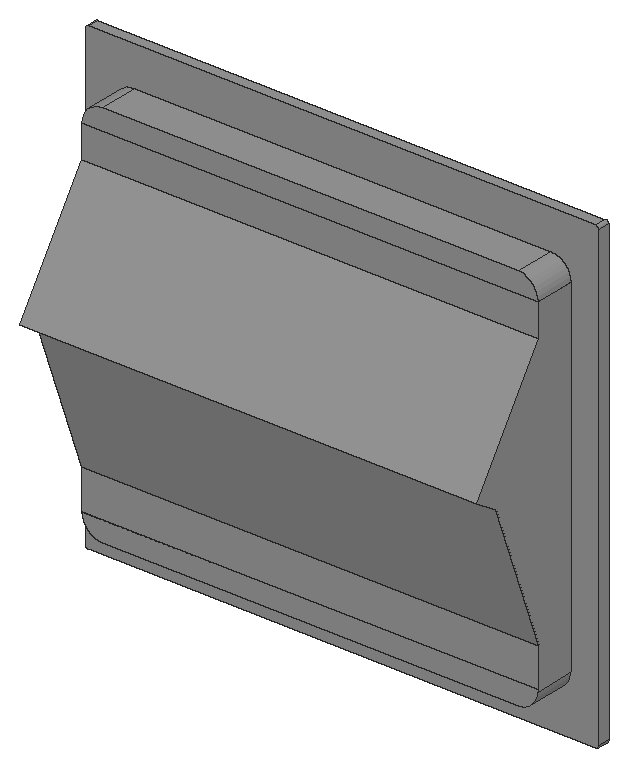
Revit family "L&L_LUCE&LIGHT_PASITO_1.1", category Lighting Fixtures, host Wall, Revit 2018 (continued)
Parameters (values of type "PASITO_1.1 – 60°")
    0.02 \r\n0.07 0.10 0.34 0.93 1.49 1.84 2.42 3.59 5.22 7.17 9.50 \r\n12.23 15.45 19.47 24.01 29.56 36.25 43.65 51.96 60.90 \r\n69.29 75.83 80.04 82.99 85.92 88.99 91.88 94.60 97.21 \r\n99.97 102.65 105.06 107.33 109.63 111.73 113.78 115.85 \r\n117.63 119.20 120.80 122.32 123.59 124.60 125.61 126.52 \r\n127.08 127.46 127.79 128.04 128.25 128.38 128.26 127.95 \r\n127.55 126.93 126.17 125.32 124.29 123.07 121.74 120.27 \r\n118.60 116.72 114.69 112.57 110.31 107.84 105.18 102.33 \r\n99.28 96.01 92.52 88.84 84.94 80.77 76.42 71.99 67.55 \r\n63.19 58.98 55.01 51.33 47.96 44.90 42.13 39.63 37.39 \r\n35.36 33.54 31.89 30.40 29.03 27.77 26.59 25.48 24.42 \r\n23.42 22.48 21.61 20.80 20.05 19.35 18.71 18.12 17.56 \r\n17.05 16.56 16.11 15.69 15.30 14.95 14.62 14.31 14.01 \r\n13.66 13.26 12.83 12.40 12.01 11.66 11.37 11.10 10.85 \r\n10.62 10.38 10.12 9.87 9.64 9.40 9.15 8.89 8.66 8.42 8.19 \r\n7.93 7.69 7.48 7.24 7.00 6.75 6.53 6.33 6.08 5.88 5.69 \r\n5.44 5.22 5.00 4.80 4.62 4.42 4.20 4.00 3.82 3.65 3.48 \r\n3.31 3.13 2.95 2.78 2.61 2.43 2.25 2.09 1.95 1.80 1.66 \r\n1.52 1.37 1.24 1.11 0.99 0.85 0.72 0.60 0.49 0.36 0.25 \r\n0.14 0.06 0.02 \r\n0.07 0.09 0.30 0.80 1.36 1.72 2.13 2.92 4.21 5.81 7.70 \r\n10.00 12.53 15.53 19.24 23.37 28.38 34.40 41.21 48.52 \r\n56.10 63.97 70.81 75.71 78.56 80.85 83.27 85.70 88.07 \r\n90.27 92.15 94.05 95.99 97.81 99.53 101.14 102.48 103.72 \r\n105.10 106.36 107.32 108.08 108.85 109.50 109.95 110.24 \r\n110.43 110.61 110.70 110.58 110.30 109.93 109.44 108.85 \r\n108.18 107.33 106.30 105.18 104.03 102.84 101.51 99.96 \r\n98.28 96.54 94.64 92.62 90.55 88.38 86.07 83.63 81.06 \r\n78.35 75.52 72.58 69.52 66.35 63.09 59.78 56.45 53.18 \r\n50.03 47.04 44.22 41.61 39.20 36.99 34.98 33.15 31.49 \r\n29.97 28.58 27.30 26.10 24.99 23.93 22.93 21.98 21.10 \r\n20.27 19.50 18.78 18.11 17.48 16.90 16.35 15.83 15.36 \r\n14.92 14.53 14.18 13.85 13.53 13.19 12.80 12.37 11.94 \r\n11.53 11.18 10.88 10.61 10.36 10.13 9.91 9.69 9.46 9.23 \r\n9.00 8.77 8.53 8.31 8.08 7.86 7.64 7.41 7.19 6.99 6.74 \r\n6.52 6.35 6.13 5.90 5.72 5.53 5.31 5.12 4.92 4.71 4.53 \r\n4.35 4.16 3.98 3.81 3.66 3.50 3.33 3.15 2.98 2.82 2.68 \r\n2.52 2.34 2.19 2.05 1.91 1.77 1.64 1.50 1.37 1.25 1.13 \r\n1.02 0.90 0.78 0.67 0.56 0.45 0.34 0.23 0.13 0.06 0.02 \r\n0.07 0.09 0.25 0.67 1.20 1.59 1.88 2.36 3.27 4.50 5.94 \r\n7.70 9.84 12.15 14.73 17.97 21.67 25.80 30.74 36.59 43.05 \r\n49.70 56.54 63.15 68.57 72.49 75.02 76.81 78.62 80.45 \r\n82.12 83.67 85.07 86.40 87.68 88.81 89.79 90.69 91.59 \r\n92.41 92.98 93.43 93.85 94.14 94.29 94.39 94.44 94.38 \r\n94.19 93.86 93.40 92.85 92.26 91.59 90.83 89.96 89.01 \r\n88.01 86.94 85.70 84.35 82.93 81.48 79.98 78.42 76.81 \r\n75.14 73.38 71.52 69.58 67.59 65.56 63.50 61.37 59.18 \r\n56.93 54.60 52.22 49.81 47.39 45.00 42.66 40.40 38.24 \r\n36.21 34.30 32.52 30.87 29.35 27.95 26.65 25.46 24.35 \r\n23.30 22.31 21.36 20.45 19.59 18.78 18.03 17.32 16.66 \r\n16.04 15.47 14.93 14.44 13.99 13.58 13.20 12.84 12.48 \r\n12.09 11.69 11.27 10.86 10.51 10.22 9.97 9.73 9.50 9.30 \r\n9.11 8.90 8.67 8.45 8.23 8.02 7.80 7.59 7.39 7.17 6.97 \r\n6.78 6.59 6.39 6.18 5.99 5.81 5.63 5.44 5.25 5.07 4.89 \r\n4.70 4.52 4.36 4.20 4.03 3.85 3.70 3.56 3.41 3.25 3.08 \r\n2.93 2.80 2.66 2.51 2.35 2.21 2.09 1.96 1.83 1.70 1.58 \r\n1.46 1.33 1.22 1.12 1.01 0.91 0.80 0.70 0.61 0.51 0.41 \r\n0.31 0.21 0.12 0.05 0.02 \r\n0.07 0.09 0.20 0.54 1.00 1.43 1.70 1.95 2.49 3.34 4.40 \r\n5.63 7.15 9.00 11.06 13.24 15.82 18.87 22.22 25.93 30.28 \r\n35.32 40.82 46.65 52.85 58.66 63.48 67.04 69.59 71.29 \r\n72.49 73.64 74.82 75.87 76.73 77.45 78.13 78.77 79.29 \r\n79.70 80.08 80.39 80.56 80.61 80.58 80.47 80.32 80.10 \r\n79.77 79.30 78.73 78.11 77.45 76.76 75.99 75.14 74.19 \r\n73.24 72.27 71.26 70.18 69.03 67.82 66.60 65.33 64.00 \r\n62.63 61.24 59.84 58.42 56.94 55.41 53.83 52.21 50.57 \r\n48.90 47.20 45.48 43.72 41.93 40.12 38.32 36.55 34.81 \r\n33.14 31.52 29.99 28.53 27.16 25.88 24.67 23.55 22.50 \r\n21.51 20.56 19.64 18.76 17.91 17.11 16.36 15.66 15.01 \r\n14.40 13.84 13.31 12.83 12.38 11.97 11.58 11.20 10.81 \r\n10.41 10.03 9.68 9.38 9.13 8.91 8.70 8.52 8.34 8.13 7.91 \r\n7.71 7.53 7.34 7.15 6.96 6.78 6.58 6.39 6.21 6.04 5.88 \r\n5.71 5.54 5.37 5.21 5.04 4.86 4.69 4.53 4.37 4.23 4.08 \r\n3.93 3.78 3.63 3.50 3.37 3.24 3.10 2.97 2.83 2.70 2.56 \r\n2.42 2.29 2.17 2.05 1.94 1.83 1.71 1.61 1.50 1.38 1.27 \r\n1.17 1.07 0.98 0.89 0.79 0.70 0.62 0.54 0.46 0.36 0.27 \r\n0.19 0.11 0.05 0.02 \r\n0.07 0.09 0.15 0.40 0.79 1.21 1.53 1.73 1.93 2.38 3.10 \r\n3.95 4.92 6.12 7.58 9.26 11.07 13.06 15.34 17.90 20.66 \r\n23.65 27.05 30.98 35.29 39.92 44.97 50.20 54.97 58.85 \r\n61.82 63.95 65.28 66.07 66.70 67.34 67.92 68.35 68.65 \r\n68.86 69.03 69.17 69.19 69.06 68.90 68.71 68.45 68.12 \r\n67.71 67.25 66.73 66.13 65.48 64.81 64.14 63.40 62.59 \r\n61.73 60.85 59.94 59.01 58.05 57.09 56.10 55.10 54.06 \r\n52.99 51.89 50.77 49.64 48.50 47.33 46.12 44.90 43.64 \r\n42.37 41.09 39.78 38.46 37.11 35.75 34.37 32.98 31.59 \r\n30.20 28.84 27.51 26.23 24.99 23.82 22.69 21.63 20.62 \r\n19.65 18.72 17.82 16.94 16.10 15.29 14.52 13.80 13.12 \r\n12.50 11.94 11.43 10.97 10.52 10.09 9.67 9.27 8.89 8.55 \r\n8.27 8.05 7.87 7.71 7.55 7.38 7.20 7.03 6.86 6.67 6.49 \r\n6.33 6.18 6.01 5.84 5.68 5.52 5.37 5.23 5.10 4.96 4.80 \r\n4.64 4.50 4.36 4.23 4.09 3.95 3.81 3.69 3.56 3.44 3.32 \r\n3.21 3.10 2.98 2.86 2.75 2.63 2.52 2.39 2.27 2.16 2.05 \r\n1.95 1.86 1.76 1.66 1.56 1.46 1.36 1.26 1.17 1.09 1.00 \r\n0.92 0.84 0.75 0.68 0.61 0.54 0.47 0.40 0.32 0.24 0.16 \r\n0.09 0.05 0.02 \r\n0.07 0.08 0.13 0.30 0.58 0.92 1.25 1.52 1.69 1.84 2.11 \r\n2.59 3.24 3.98 4.86 5.89 7.07 8.35 9.74 11.33 13.15 15.15 \r\n17.27 19.49 22.04 24.97 28.23 31.67 35.16 38.95 43.02 \r\n47.07 50.68 53.52 55.72 57.33 58.24 58.71 58.99 59.27 \r\n59.51 59.63 59.59 59.42 59.18 58.91 58.61 58.28 57.89 \r\n57.44 56.96 56.44 55.85 55.24 54.61 53.99 53.33 52.62 \r\n51.88 51.14 50.41 49.67 48.91 48.09 47.23 46.36 45.50 \r\n44.63 43.76 42.87 41.95 41.01 40.06 39.11 38.15 37.17 \r\n36.18 35.16 34.12 33.06 31.98 30.89 29.77 28.64 27.49 \r\n26.35 25.20 24.06 22.93 21.83 20.75 19.71 18.70 17.72 \r\n16.76 15.82 14.91 14.03 13.18 12.39 11.66 10.99 10.36 \r\n9.78 9.23 8.73 8.26 7.84 7.49 7.20 6.97 6.80 6.66 6.53 \r\n6.39 6.25 6.09 5.93 5.78 5.64 5.51 5.38 5.24 5.10 4.97 \r\n4.84 4.73 4.61 4.49 4.36 4.23 4.11 3.99 3.87 3.76 3.65 \r\n3.54 3.43 3.33 3.23 3.13 3.03 2.92 2.81 2.71 2.62 2.52 \r\n2.42 2.32 2.22 2.13 2.04 1.95 1.87 1.78 1.69 1.61 1.52 \r\n1.44 1.36 1.27 1.19 1.12 1.05 0.98 0.90 0.83 0.75 0.68 \r\n0.62 0.57 0.51 0.46 0.39 0.33 0.27 0.20 0.14 0.08 0.04 \r\n0.02 \r\n0.07 0.08 0.12 0.19 0.39 0.63 0.89 1.16 1.40 1.61 1.70 \r\n1.81 1.98 2.34 2.84 3.40 4.06 4.83 5.66 6.54 7.48 8.51 \r\n9.76 11.19 12.71 14.24 15.79 17.47 19.48 21.65 24.09 \r\n26.69 29.50 32.53 35.61 38.60 41.40 43.92 46.09 47.84 \r\n49.02 49.76 49.99 50.04 49.93 49.83 49.56 49.28 48.87 \r\n48.51 48.10 47.69 47.22 46.71 46.21 45.68 45.17 44.60 \r\n44.02 43.42 42.79 42.16 41.54 40.91 40.28 39.64 38.95 \r\n38.26 37.56 36.84 36.11 35.39 34.66 33.90 33.12 32.32 \r\n31.52 30.71 29.88 29.03 28.16 27.28 26.38 25.46 24.51 \r\n23.53 22.53 21.50 20.45 19.41 18.36 17.33 16.31 15.31 \r\n14.31 13.32 12.35 11.41 10.50 9.66 8.87 8.16 7.52 6.96 \r\n6.49 6.13 5.85 5.66 5.51 5.39 5.28 5.17 5.06 4.94 4.82 \r\n4.71 4.60 4.50 4.40 4.30 4.20 4.11 4.01 3.91 3.81 3.71 \r\n3.61 3.52 3.42 3.33 3.24 3.16 3.08 3.00 2.92 2.83 2.75 \r\n2.66 2.58 2.51 2.43 2.35 2.26 2.18 2.10 2.02 1.95 1.88 \r\n1.81 1.74 1.67 1.60 1.53 1.46 1.39 1.32 1.25 1.19 1.13 \r\n1.07 1.01 0.95 0.89 0.82 0.76 0.70 0.65 0.60 0.55 0.50 \r\n0.46 0.41 0.36 0.32 0.27 0.22 0.17 0.11 0.07 0.04 0.02 \r\n0.07 0.08 0.10 0.15 0.22 0.37 0.53 0.72 0.90 1.11 1.32 \r\n1.50 1.64 1.71 1.79 1.89 2.06 2.32 2.65 3.09 3.57 4.12 \r\n4.70 5.33 6.00 6.75 7.57 8.55 9.55 10.63 11.71 12.90 \r\n14.20 15.61 17.09 18.54 19.99 21.40 22.87 24.28 25.58 \r\n26.72 27.52 28.13 28.50 28.67 28.74 28.69 28.54 28.33 \r\n28.09 27.86 27.66 27.43 27.21 27.00 26.77 26.57 26.42 \r\n26.28 26.14 25.97 25.77 25.53 25.25 24.96 24.66 24.35 \r\n24.04 23.73 23.41 23.07 22.71 22.32 21.92 21.49 21.05 \r\n20.59 20.11 19.60 19.08 18.52 17.94 17.34 16.72 16.08 \r\n15.42 14.75 14.07 13.38 12.69 11.98 11.27 10.55 9.81 9.05 \r\n8.28 7.52 6.78 6.08 5.47 4.94 4.51 4.17 3.93 3.82 3.77 \r\n3.72 3.66 3.61 3.55 3.49 3.44 3.39 3.33 3.27 3.20 3.14 \r\n3.07 3.01 2.95 2.89 2.82 2.76 2.70 2.63 2.57 2.52 2.46 \r\n2.40 2.34 2.28 2.22 2.15 2.09 2.03 1.97 1.91 1.86 1.80 \r\n1.75 1.70 1.64 1.59 1.54 1.48 1.43 1.38 1.32 1.27 1.22 \r\n1.17 1.12 1.07 1.02 0.97 0.92 0.88 0.83 0.78 0.74 0.69 \r\n0.65 0.61 0.57 0.54 0.49 0.45 0.42 0.38 0.34 0.31 0.27 \r\n0.24 0.21 0.17 0.13 0.09 0.06 0.04 0.02 \r\n0.07 0.08 0.09 0.11 0.15 0.20 0.25 0.33 0.41 0.49 0.61 \r\n0.73 0.88 1.03 1.19 1.33 1.45 1.57 1.66 1.71 1.75 1.80 \r\n1.88 1.98 2.13 2.36 2.60 2.87 3.22 3.59 3.99 4.46 4.96 \r\n5.47 6.01 6.55 7.08 7.59 8.11 8.58 8.98 9.32 9.61 9.84 \r\n10.01 10.14 10.25 10.31 10.32 10.30 10.28 10.26 10.25 \r\n10.27 10.32 10.37 10.42 10.45 10.46 10.47 10.47 10.47 \r\n10.46 10.45 10.44 10.44 10.42 10.41 10.39 10.36 10.32 \r\n10.27 10.19 10.09 9.97 9.83 9.68 9.51 9.33 9.13 8.91 8.68 \r\n8.43 8.17 7.91 7.64 7.38 7.12 6.86 6.59 6.30 6.00 5.68 \r\n5.34 4.96 4.56 4.12 3.68 3.27 2.91 2.64 2.50 2.40 2.34 \r\n2.30 2.27 2.24 2.21 2.18 2.15 2.12 2.09 2.06 2.03 2.01 \r\n1.98 1.95 1.92 1.89 1.86 1.83 1.79 1.76 1.72 1.69 1.66 \r\n1.63 1.60 1.56 1.53 1.50 1.46 1.42 1.38 1.34 1.31 1.27 \r\n1.23 1.20 1.17 1.13 1.10 1.07 1.03 1.00 0.96 0.93 0.89 \r\n0.86 0.83 0.80 0.77 0.73 0.70 0.67 0.64 0.61 0.58 0.55 \r\n0.52 0.49 0.46 0.44 0.41 0.38 0.35 0.32 0.29 0.27 0.24 \r\n0.22 0.20 0.18 0.16 0.14 0.12 0.10 0.07 0.05 0.03 0.02 \r\n0.07 0.07 0.08 0.09 0.10 0.11 0.12 0.14 0.15 0.16 0.17 \r\n0.18 0.21 0.25 0.30 0.35 0.39 0.43 0.47 0.53 0.60 0.66 \r\n0.73 0.80 0.87 0.94 1.00 1.05 1.11 1.18 1.24 1.30 1.35 \r\n1.40 1.45 1.49 1.53 1.58 1.62 1.66 1.70 1.73 1.74 1.76 \r\n1.76 1.77 1.78 1.78 1.78 1.78 1.78 1.80 1.83 1.85 1.89 \r\n1.93 1.97 2.00 2.03 2.05 2.07 2.08 2.08 2.08 2.07 2.06 \r\n2.07 2.07 2.08 2.09 2.09 2.09 2.08 2.07 2.06 2.04 2.04 \r\n2.02 2.00 1.98 1.96 1.94 1.91 1.87 1.84 1.80 1.76 1.72 \r\n1.68 1.64 1.60 1.56 1.52 1.49 1.46 1.43 1.41 1.38 1.36 \r\n1.34 1.32 1.30 1.28 1.25 1.23 1.21 1.19 1.17 1.14 1.12 \r\n1.10 1.08 1.06 1.04 1.02 1.00 0.98 0.96 0.95 0.93 0.92 \r\n0.90 0.88 0.87 0.85 0.83 0.81 0.80 0.78 0.77 0.75 0.73 \r\n0.72 0.69 0.67 0.66 0.64 0.63 0.61 0.60 0.58 0.57 0.55 \r\n0.53 0.51 0.49 0.48 0.46 0.44 0.43 0.41 0.40 0.38 0.36 \r\n0.35 0.33 0.31 0.30 0.28 0.27 0.25 0.24 0.22 0.21 0.19 \r\n0.18 0.17 0.15 0.14 0.13 0.12 0.11 0.10 0.10 0.09 0.08 \r\n0.07 0.05 0.04 0.03 0.02 \r\n0.07 0.07 0.07 0.07 0.07 0.07 0.07 0.07 0.07 0.07 0.07 \r\n0.07 0.07 0.07 0.08 0.08 0.08 0.08 0.08 0.09 0.09 0.09 \r\n0.09 0.09 0.10 0.10 0.10 0.10 0.11 0.11 0.11 0.11 0.11 \r\n0.12 0.12 0.12 0.12 0.13 0.13 0.13 0.13 0.14 0.14 0.14 \r\n0.14 0.15 0.15 0.15 0.15 0.15 0.16 0.16 0.16 0.16 0.17 \r\n0.17 0.17 0.17 0.17 0.17 0.18 0.18 0.18 0.18 0.18 0.18 \r\n0.19 0.19 0.19 0.19 0.19 0.19 0.19 0.19 0.20 0.20 0.20 \r\n0.20 0.20 0.20 0.20 0.20 0.21 0.21 0.21 0.21 0.21 0.21 \r\n0.21 0.21 0.22 0.22 0.22 0.22 0.22 0.22 0.22 0.22 0.22 \r\n0.22 0.22 0.22 0.22 0.22 0.22 0.22 0.22 0.22 0.22 0.21 \r\n0.21 0.21 0.21 0.21 0.21 0.20 0.20 0.20 0.20 0.19 0.19 \r\n0.19 0.19 0.18 0.18 0.18 0.18 0.18 0.17 0.17 0.17 0.17 \r\n0.16 0.16 0.16 0.15 0.15 0.15 0.14 0.14 0.14 0.13 0.13 \r\n0.13 0.12 0.12 0.11 0.11 0.11 0.10 0.10 0.09 0.09 0.09 \r\n0.08 0.08 0.08 0.07 0.07 0.07 0.06 0.06 0.06 0.06 0.05 \r\n0.05 0.05 0.05 0.04 0.04 0.04 0.04 0.04 0.04 0.04 0.04 \r\n0.04 0.03 0.03 0.02 0.02 \r\n"
  Model = "PASITO 1.1"
  built-in parameter 1150137 = (empty or 0)
  built-in parameter 1150132 = (empty or 0)
  built-in parameter 1150105 = 100.48 (stored number, unit not read)
  built-in parameter 1150102 = (empty or 0)
  built-in parameter 1150106 = 1.0048 (stored number, unit not read)
  Lumens = 1262.61 lm
  Color Filter = 16777215
  Photometric Web File = "PASITO 1.1 BE 60° [2700K 8.5W 24Vdc] white.IES"
  built-in parameter 1114217 = 1 (stored number, unit not read)
  built-in parameter 1150139 = (empty or 0)
  built-in parameter 1150104 = 13.8 (stored number, unit not read)
  built-in parameter 1150115 = 1 (stored number, unit not read)
  built-in parameter 1150114 = 1 (stored number, unit not read)
  built-in parameter 1150113 = 1 (stored number, unit not read)
  Description = "step light for outdoor applications; recessed (wall)"
  built-in parameter 1150134 = (empty or 0)
  built-in parameter 1150138 = (empty or 0)
  Tilt Angle = 90.00°
  BODY MATERIAL = ALUMINIUM
  BIM USER MANUAL = "https://img.edilportale.com/bim/LUCE-LIGHT-BIM-user-manual-en-L-L-Luce-Light-bim.pdf"
  BIM BADGE = "https://bim.archiproducts.com/it/badge/bim-archiproducts-featured_658700/about"
  BIM AUTHOR = "https://bim.archiproducts.com"
  built-in parameter 1150133 = 10 (stored number, unit not read)
  ACCESSORIES = "outer casing for solid walls - https://www.lucelight.it/media/accessori/dxf/wc1430.dxf"
Reference planes
  plane 1: y = 0
  plane 2 "Centro (Sinistra/Destra)": x = 125
  plane 3 "Indietro": y = 74.988
  plane 4: y = 35.488
  plane 5: z = 134.261
  plane 6: z = 9.261
  plane 7: x = 196.5
  plane 8: x = 53.5
  plane 9: through (-8600, 61.089, 97.764) normal (0, -0.5592, -0.829)
  plane 10: through (-8600, 88.631, 95.857) normal (0, -0.829, 0.5592)
Forms (mm)
  Extrusion 1, void
    sketch origin (0, 74.488, -0.033) x (1, 0, 0) y (0, 0, 1)
      loop
        line (194.749, 134.294) -> (55.238, 134.294) -> (55.238, 9.294) -> (194.749, 9.294) -> (194.749, 134.294)
    from -0.5 to 39
Lines and regions (mm)
  model lines, detail levels coarse
    curve 1: circle (124.984, 62.738, 0) r 39 normal (0, 0, 1)
    curve 2: line (152.561, 35.161, 0) -> (97.407, 90.315, 0)
    curve 3: line (97.478, 35.09, 0) -> (152.632, 90.244, 0)
    curve 4: circle (124.997, 74.988, 96.699) r 39 normal (0, -1, 0)
    curve 5: line (152.575, 74.988, 124.276) -> (97.42, 74.988, 69.121)
    curve 6: line (97.42, 74.988, 124.276) -> (152.575, 74.988, 69.121)
Text (mm)
  text "Placement side" at (-1867.185, 1116.779, 0), in view "Livello rif."
  text "Placement side" at (0, 1270.507, 3001.832), in view "Sinistra"
  text "Placement side" at (0, 530.812, 2999.686), in view "Destra"
Dimensions and locks
  locked: plane 3 "Indietro" to host wall
  locked: plane 5 to plane 6 at 125
  aligned and locked: plane 1 to host wall
  aligned and locked: plane 3 "Indietro" to nested 1
  aligned and locked: host wall to Extrusion 1
Nested families
  nested 1: "PASITO_STRUCTURE_1.1" at (125, 74.988, -1.001) x (-1, 0, 0) z (0, 0, 1), BODY MATERIAL <- "BODY MATERIAL", LIGHT_MATERIAL <- "LIGHT MATERIAL", type "PASITO_STRUCTURE", detail levels medium+fine
    with LIGHT_MATERIAL LIGHT_GLASS, BODY MATERIAL ALUMINIUM
Definition of nested family "PASITO_STRUCTURE_1.1"
  Parameters (values of type "PASITO_STRUCTURE_1.1")
    LIGHT_MATERIAL [instance] = none
    BODY MATERIAL [instance] = none
  Reference planes
    plane 1 "Center (Front/Back)": y = 0
    plane 2: z = 0
    plane 3 "Center (Left/Right)": x = 0
    plane 4: through (0, 23.89, 82.953) normal (0, -0.829, -0.5592)
    plane 5: z = 144.078
    plane 6: x = -78.441
    plane 7: x = 78.454
    plane 8: z = 1
  Forms (mm)
    Extrusion 1, solid, material <- "BODY MATERIAL"
      sketch origin (-1.279, 0, 1) x (1, 0, 0) y (0, 0, 1)
        loop
          arc (-76.176, 143.073) -> (-76.86, 142.798) -> (-77.162, 142.126) r 0.987
          line (-77.162, 142.126) -> (-77.162, 0.947)
          arc (-77.162, 0.947) -> (-76.86, 0.275) -> (-76.176, 0) r 0.987
          line (-76.176, 0) -> (78.746, 0)
          arc (78.746, 0) -> (79.444, 0.289) -> (79.733, 0.987) r 0.987
          line (79.733, 0.987) -> (79.733, 142.087)
          arc (79.733, 142.087) -> (79.444, 142.784) -> (78.746, 143.073) r 0.987
          line (78.746, 143.073) -> (-76.176, 143.073)
        loop
          line (69.351, 10.54) -> (69.351, 93.853)
          arc (69.351, 93.853) -> (68.912, 94.913) -> (67.851, 95.352) r 1.5
          line (67.851, 95.352) -> (-64.416, 95.352)
          arc (-64.416, 95.352) -> (-65.477, 94.913) -> (-65.916, 93.853) r 1.5
          line (-65.916, 93.853) -> (-65.916, 10.54) -> (69.351, 10.54)
      from 0 to 3.5
    Extrusion 2, solid, material <- "BODY MATERIAL"
      sketch origin (0, 0, 1) x (0, 1, 0) y (0, 0, 1)
        loop
          line (-3.5, 10.54) -> (0, 10.54) -> (0, 18.179) -> (12.25, 18.179) -> (12.25, 30.631) -> (28.621, 75.007) -> (35.768, 79.828) -> (12.25, 114.695) -> (12.25, 124.697) -> (-3.5, 124.697) -> (-3.5, 10.54)
      from -69.749 to 69.762
    Extrusion 3, solid, material <- "LIGHT_MATERIAL"
      sketch origin (0, 23.89, 85.366) x (0, 0.559193, -0.829038) y (-1, 0, 0)
        loop
          arc (-16.695, 24.405) -> (-30.515, 0.01) -> (-16.695, -24.385) r 28.441
          arc (-16.695, -24.385) -> (-2.876, 0.01) -> (-16.695, 24.405) r 28.441
      from -2.69 to -0.79
    Extrusion 4, void
      sketch origin (0, 0, 2.413) x (0, 1, 0) y (0, 0, 1)
        loop
          line (0, 116.958) -> (0, 123.306) -> (-3.5, 123.306) -> (-3.5, 9.127) -> (23.89, 81.54) -> (0, 116.958)
      from -67.195 to 67.208
    Extrusion 5, solid, material <- "BODY MATERIAL"
      sketch origin (-1.279, -3.5, 1) x (1, 0, 0) y (0, 0, 1)
        loop
          line (64.678, 130.967) -> (-62.302, 130.967)
          arc (-62.302, 130.967) -> (-66.66, 129.117) -> (-68.357, 124.697) r 6.058
          line (-68.357, 124.697) -> (70.948, 124.697)
          arc (70.948, 124.697) -> (69.112, 129.13) -> (64.678, 130.967) r 6.27
        loop
          arc (64.678, 12.173) -> (69.112, 14.009) -> (70.948, 18.442) r 6.27
          line (70.948, 18.442) -> (-68.357, 18.442)
          arc (-68.357, 18.442) -> (-66.66, 14.022) -> (-62.302, 12.173) r 6.058
          line (-62.302, 12.173) -> (64.678, 12.173)
      from -15.75 to -3.5
  Cuts and joins
    Extrusion 4 cuts Extrusion 2
    joined: Extrusion 1, Extrusion 2
  Dimensions and locks
    aligned and locked: level to plane 2
